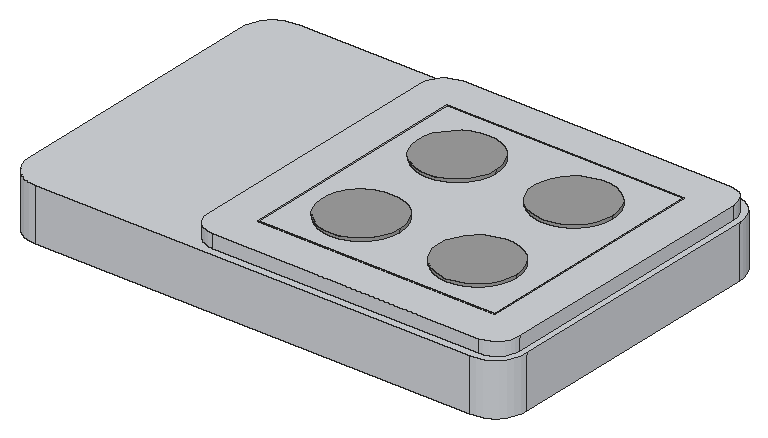
Revit family "LigULing-Industriale-GEWISS-SMART[4]UL_APPARECCHI-LED_1M", category Apparecchi per illuminazione, Revit 2019
Family settings
  Quota connettore circolare = Usa diametro
  Tipo di parte = Normale
  Numero OmniClass = 23.80.00.00
  Titolo OmniClass = Electric Power and Lighting
  Basato su piano di lavoro = Sì
  Sempre verticale = No
  Taglio con vuoti quando caricato = No
  Sorgente d'illuminazione = No
  Condiviso = No
  Punto di calcolo locali = No
Parameters (values of type "GWS4120GP857 - SMART4LB 1M ST.AL.ON/OFF UL 90° 57K")
  Voltaggio = 230 V
  Viti esterne = "Acciaio inox"
  Vetro acceso = Lampada accesa
  Versione file RFA = "20.11"
  Vano di alimentazione = "Integrato"
  URL = "https://www.gewiss.com/it/it"
  Tolleranza cromatica = "SDCM = 3"
  Tipologia sorgente luminosa = "LED - Non sostituibile"
  Tipo di installazione e montaggio = "Plafone - Parete - Sospensione"
  Tipo di apparecchio = "Riflettore industriale a LED&nbsp;"
  Tensione di alimentazione = "120-277 V"
  Temperatura di stoccaggio = "-"
  Temperatura di esercizio = "-25°C / +40 °C"
  Temperatura di colore = "5700K"
  Superficie massima esposta al vento : = "0,097 m²"
  Spostamento_Y_etichetta [instance] = 0 mm
  Spostamento_Y_effettivo_etichetta [instance] = 1500 mm - Spostamento_Y_etichetta  # 1500 mm
  Spostamento_X_etichetta [instance] = 0 mm
  Spostamento_X_effettivo_etichetta [instance] = 1500 mm - Spostamento_X_etichetta  # 1500 mm
  SostituibilitÃ  piastra di cablaggio = "Non sostituibile"
  SostituibilitÃ  gruppo ottico = "Non sostituibile"
  Sistema di controllo : = "ON / OFF"
  Sistema di controllo = "ON / OFF"
  Schermo = "Vetro Temprato Spessore 4mm"
  Scheda Tecnica = "https://www.gewiss.com/it/it/search?q=GWS4120GP857"
  SEO = ""
  Resistenza al filo incandescente = "850 °C"
  Resistenza agli urti = "IK08"
  Produttore = "GEWISS S.p.A."
  Potenza di sistema = "65W"
  Peso (kg): = "3,5"
  Ottica = "90°"
  Offset etichetta W [instance] = 120 mm
  Norma di riferimento = "UL 1598 - CSA C22.2 No. 250.0-18"
  Modello = "GWS4120GP857"
  Materiali = "-"
  Lumen output (lm) = "9100"
  Lampada = "LED"
  Installazione e manutenzione = "-"
  Informazioni generali = "-"
  Indice di resa cromatica = "CRI-80"
  Inclinazione = "Con accessorio staffa"
  Immagine tipo = GWL1071.jpg
  IPEA = "-"
  IFC.TypeObject = ""
  IFC.ExportType = ""
  IFC.ExportAs = ""
  IDT = "510f01894ba548e3aae17db348ab79c9"
  IDF = "57340efb-67d6-4d83-a0c6-3c1c2de2c4e3"
  Guarnizioni = "tipo siliconico antinvecchiamento "
  Gruppo ottico = "Riflettore in PC metallizzato e lenti in PMMA"
  Grado di protezione = "IP66"
  Garanzia = "5 anni"
  Gancio di chiusura = "-"
  Frequenza nominale (Hz) = "50/60 Hz"
  Fissaggio = "-"
  Finitura colore = "Grigio RAL 7035"
  Etichetta wattaggio [instance] = yes
  Default Elevation = 1219.2 mm
  Trasformatore = none
  Spessore plafoniera = 40 mm  # constant formula
  Proiettsmart [instance] = yes
  Raggio led = 30 mm  # constant formula
  Plafoniera = none
  Efficienza luminosa (lm/W) = "140"
  Durata di vita = "L90B10 (Tq+25°C) = 100.000 h - L90B10 (Tq+40°C) = 50.000 h"
  Dispositivo di protezione = "DM 6 kV / CM 10 kV"
  Descrizione = "SMART[4]LB 1M ST.AL.ON/OFF UL 90° 57K"
  Creato da GEWISS S.p.A. = ""
  Corpo = "PA6 “Halogen Free” caricato fibra vetro"
  Controllo abbagliamento e luminanza = "UGR - 25"
  Contesto = "Illuminazione di logistiche e locali produttivi industriali"
  Commenti sul wattaggio = "50W"
  Colore = "Grigio RAL 7035"
  Codice digitale univoco (Datamatrix) = "Datamatrix"
  Codice Electrocod = "2444"
  Classificazione: = "-"
  Classificazione = Lighting
  Classe isolamento = "I"
  Classe fotobiologica = "RG0"
  Certificazioni e classificazioni = "-"
  Certificazione DIN 18032-3 = "-"
  Catalogo = "LIGHTING"
  Carico apparente = 50 VA
  Motore = none
  Lunghezza = 383 mm  # constant formula
  Larghezza = 253 mm  # constant formula
  Distanza tot_plafoniera = 74 mm  # constant formula
  Dettaglio bidimensionale attivo [instance] = not(Proiettsmart)  # no
  Caratteristiche ottiche e illuminotecniche = "-"
  Caratteristiche elettriche e gestione della luce = "-"
  Cablaggio = "Cablaggio singolo con cavo antirespirazione che esce da PG metallico (NO Connettore) "
  COBie.Tagnumber = ""
  COBie.CreatedOn = ""
  COBie.CreatebBy = ""
  COBie.ComponentRegisterItemID = ""
  COBie.Component.TagNumber = ""
  COBie.Component.Space = ""
  COBie.Component.SerialNumber = ""
  COBie.Component.InstallationDate = ""
  COBie.Component.Description = ""
  COBie.Component.BarCode = ""
  Applicazione = "Interno"
  Apparecchio a ridotta temperatura superficiale = "Si"
  Alimentatore = "Incluso"
Types (6, lengths in mm): name | Temperatura di colore | Scheda Tecnica | SEO | Ottica | Modello | Lumen output (lm) | IDT | Gruppo ottico | Efficienza luminosa (lm/W) | Descrizione | Controllo abbagliamento e luminanza
  GWS4120GH840 - SMART4LB 1M ST.AL.ON/OFF UL 60° 40K | "4000K" | "https://www.gewiss.com/it/it/search?q=GWS4120GH840" | "" | "60°" | "GWS4120GH840" | "9000" | "ebd1c6c3f79b442cb0017b978c53287d" | "Riflettore in PC metallizzato e lenti in PMMA" | "138" | "SMART[4]LB 1M ST.AL.ON/OFF UL 60° 40K" | "UGR - 25"
  GWS4120GH857 - SMART4LB 1M ST.AL.ON/OFF UL 60° 57K | "5700K" | "https://www.gewiss.com/it/it/search?q=GWS4120GH857" | "" | "60°" | "GWS4120GH857" | "9000" | "7e41ab3992744e638de87d18b71cdc15" | "Riflettore in PC metallizzato e lenti in PMMA" | "138" | "SMART[4]LB 1M ST.AL.ON/OFF UL 60° 57K" | "UGR - 25"
  GWS4120GP840 - SMART4LB 1M ST.AL.ON/OFF UL 90° 40K | "4000K" | "https://www.gewiss.com/it/it/search?q=GWS4120GP840" | "" | "90°" | "GWS4120GP840" | "9100" | "4c23139a13e449859e34885c36cde3e1" | "Riflettore in PC metallizzato e lenti in PMMA" | "140" | "SMART[4]LB 1M ST.AL.ON/OFF UL 90° 40K" | "UGR - 25"
  GWS4120GP857 - SMART4LB 1M ST.AL.ON/OFF UL 90° 57K | "5700K" | "https://www.gewiss.com/it/it/search?q=GWS4120GP857" | "" | "90°" | "GWS4120GP857" | "9100" | "510f01894ba548e3aae17db348ab79c9" | "Riflettore in PC metallizzato e lenti in PMMA" | "140" | "SMART[4]LB 1M ST.AL.ON/OFF UL 90° 57K" | "UGR - 25"
  GWS4120GA840 - SMART4LB 1M ST.AL.ON/OFF UL ARR.40K | "4000K" | "https://www.gewiss.com/it/it/search?q=GWS4120GA840" | "Low Bay" | "Array" | "GWS4120GA840" | "8900" | "d106dacd27c24dfc9d8a4d950c89b820" | "Riflettore in PC metallizzato" | "137" | "SMART[4]LB 1M ST.AL.ON/OFF UL ARR.40K" | "-"
  GWS4120GA857 - SMART4LB 1M ST.AL.ON/OFF UL ARR.57K | "5700K" | "https://www.gewiss.com/it/it/search?q=GWS4120GA857" | "Low Bay" | "Array" | "GWS4120GA857" | "8900" | "d6e915abd97841d0a3fdcc84bbd4b3bc" | "Riflettore in PC metallizzato" | "137" | "SMART[4]LB 1M ST.AL.ON/OFF UL ARR.57K" | "-"
Reference planes
  plane 1 "Centro (Fronte/Retro)": y = 0
  plane 2: z = 0
  plane 3 "Centro (Sinistra/Destra)": x = 0
  plane 4: x = -191.5
  plane 5: y = 126.5
  plane 6: x = 191.5
  plane 7: y = -126.5
  plane 8: z = -74
  plane 9: x = -175.5
  plane 10: y = -110.5
  plane 11: y = 110.5
  plane 12: x = -60.5
  plane 13: y = 121.5
  plane 14: x = 186.5
  plane 15: y = -120
  plane 16: z = 74
  plane 17: z = 84
  plane 18: z = 86
  plane 19: x = -1500
  plane 20: y = -1500
  plane 21: x = 0
  plane 22: y = 0
Dimensions and locks
  equal spacing: plane 5, plane 1 "Centro (Fronte/Retro)", plane 7
  equal spacing: plane 4, plane 3 "Centro (Sinistra/Destra)", plane 6
  "Lunghezza": plane 4 to plane 6
  "Larghezza": plane 5 to plane 7
  locked: plane 14 to plane 6 at 5
  locked: plane 5 to plane 13 at 5
  nested 3 to plane 8 = 133.058 mm
  locked: plane 4 to plane 9 at 16
  "Offset etichetta W": plane 1 "Centro (Fronte/Retro)" to plane 15
  "Distanza tot_plafoniera": plane 16 to level
  locked: plane 18 to plane 17 at 2
  plane 19 to plane 3 "Centro (Sinistra/Destra)" = 1500 mm
  plane 1 "Centro (Fronte/Retro)" to plane 20 = 1500 mm
  "Spostamento_Y_effettivo_etichetta": plane 22 to plane 20
  "Spostamento_X_effettivo_etichetta": plane 19 to plane 21
  aligned and locked: level to plane 2
  aligned and locked: plane 4 to nested 1
  aligned and locked: plane 6 to nested 1
  aligned and locked: plane 5 to nested 1
  aligned and locked: plane 7 to nested 1
  aligned and locked: plane 14 to nested 2
  aligned and locked: plane 1 "Centro (Fronte/Retro)" to nested 10
  aligned and locked: nested 3 to plane 2
  aligned and locked: plane 16 to nested 1
  aligned and locked: plane 1 "Centro (Fronte/Retro)" to nested 8
  aligned and locked: plane 1 "Centro (Fronte/Retro)" to nested 1
  aligned and locked: plane 1 "Centro (Fronte/Retro)" to nested 2
  aligned and locked: nested 2 to plane 16
  aligned and locked: nested 4 to plane 18
  aligned and locked: plane 18 to nested 6
  aligned and locked: nested 7 to plane 18
  aligned and locked: plane 18 to nested 5
  aligned and locked: nested 9 to plane 22
  aligned and locked: plane 21 to nested 9
Nested families
  nested 1: "Struttura_SMART[4] LB - 2+2 L" at (0, 0, 74), type "SMART Lab (4) 4L"
  nested 2: "mascherina_SMART (4)" at (66.5, 0, 84), type "Maschera_smart (4) 4L", detail levels medium+fine
  nested 3: "Staffa SMART LAB 4" at (65, -20, 59.058) x (0, 1, 0) z (0, 0, -1), type "Staffa SMART LAB 4", detail levels medium+fine
  nested 4: "Gewis - Led" at (20.25, 44.75, 86), type "Gewis - Led", detail levels fine
  nested 5: "Gewis - Led" at (109.75, 44.75, 86) x (-1, 0, 0) z (0, 0, 1), type "Gewis - Led", detail levels fine
  nested 6: "Gewis - Led" at (20.25, -47.75, 86), type "Gewis - Led", detail levels fine
  nested 7: "Gewis - Led" at (109.75, -47.75, 86) x (-1, 0, 0) z (0, 0, 1), type "Gewis - Led", detail levels fine
  nested 8: "Rappr_bidimensionale_SMART[4] LB 4L" at (40, 0, 0), visible <- "Dettaglio bidimensionale attivo", type "SMART[4] LB 4L_bidimensionalerfa"
  nested 9: "ETICHETTA LIGHT" at (0, 0, 0), visible <- "Etichetta wattaggio", type "ETICHETTA LIGHT"
  nested 10: "PROIETTSMART " at (-32.162, 0, 0), visible <- "Proiettsmart", type "PROIETTSMART "
Connectors
  electrical at (0.009, -0.098, 34), driven by "Classificazione", driven by "Carico apparente"
    settings: on nested 1, index 1, voltage 230 V, apparent load 0 VA, apparent load phase1 50 VA, apparent load phase2 0 VA, apparent load phase3 0 VA, power factor 1, load classification "Lighting", number of poles 2, system type 31, power factor state 1, is connector primary yes, connector utility no, sub classification motor no, connector description ""
Definition of nested family "Struttura_SMART[4] LB - 2+2 L"
  Parameters (values of type "SMART Lab (4) 4L")
    Struttura plafoniera = none
    Spessore_plafoniera = 40 mm
    Lunghezza = 383 mm
    Larghezza = 253 mm
  Reference planes
    plane 1 "Asse sorgente illuminazione (F/B)": y = 0
    plane 2: z = 0
    plane 3 "Asse sorgente illuminazione (L/R)": x = 0
    plane 4 "Prospetto sorgente di illuminazione": z = -40
    plane 5 "SX": x = -191.5
    plane 6 "DX": x = 191.5
    plane 7 "DIETRO": y = 126.5
    plane 8 "AVANTI": y = -126.5
    plane 9: x = -51.5
    plane 10: x = 180.5
    plane 11: y = -115.5
    plane 12: y = 115.5
    plane 13: x = -180.5
    plane 14: x = 51.5
  Forms (mm)
    Extrusion 1, solid, material <- "Struttura plafoniera"
      sketch origin (0, 0, 0) x (1, 0, 0) y (0, 1, 0)
        loop
          line (191.5, -102.095) -> (191.5, 102.09)
          arc (191.5, 102.09) -> (184.35, 119.35) -> (167.09, 126.5) r 24.41
          line (167.09, 126.5) -> (-167.009, 126.5)
          arc (-167.009, 126.5) -> (-184.554, 119.1) -> (-191.5, 101.371) r 24.499
          line (-191.5, 101.371) -> (-191.5, -102.092)
          arc (-191.5, -102.092) -> (-184.351, -119.351) -> (-167.092, -126.5) r 24.408
          line (-167.092, -126.5) -> (167.117, -126.5)
          arc (167.117, -126.5) -> (184.334, -119.368) -> (191.465, -102.152) r 24.348
      from -40 to 0
  Dimensions and locks
    equal spacing: plane 5 "SX", plane 3 "Asse sorgente illuminazione (L/R)", plane 6 "DX"
    equal spacing: plane 7 "DIETRO", plane 1 "Asse sorgente illuminazione (F/B)", plane 8 "AVANTI"
    "Lunghezza": plane 5 "SX" to plane 6 "DX"
    "Larghezza": plane 7 "DIETRO" to plane 8 "AVANTI"
    locked: plane 7 "DIETRO" to plane 12 at 11
    locked: plane 11 to plane 8 "AVANTI" at 11
    locked: plane 10 to plane 6 "DX" at 11
    locked: plane 9 to plane 10 at 232
    plane 13 to plane 14 = 232 mm
    locked: plane 5 "SX" to plane 13 at 11
    "Spessore_plafoniera": plane 2 to plane 4 "Prospetto sorgente di illuminazione"
    aligned and locked: level to plane 2
    aligned and locked: Extrusion 1 to plane 5 "SX"
    aligned and locked: Extrusion 1 to plane 8 "AVANTI"  (x2)
    aligned and locked: plane 7 "DIETRO" to Extrusion 1
    aligned and locked: plane 6 "DX" to Extrusion 1
    aligned and locked: plane 4 "Prospetto sorgente di illuminazione" to Extrusion 1
    aligned and locked: plane 2 to Extrusion 1
  Automatic sketch dimensions
    Extrusion 1 sketch curve to plane 5 "SX" = 0 mm
    Extrusion 1 sketch curve to plane 8 "AVANTI" = 0 mm
    Extrusion 1 sketch curve to plane 7 "DIETRO" = 0 mm
    Extrusion 1 sketch curve to plane 6 "DX" = 0 mm
    plane 13 to Extrusion 1 sketch curve = 13.408 mm
    plane 13 to Extrusion 1 sketch curve = 13.491 mm
    Extrusion 1 sketch curve to plane 10 = 13.41 mm
    Extrusion 1 sketch curve to plane 10 = 13.383 mm
    plane 11 to Extrusion 1 sketch curve = 13.348 mm
    Extrusion 1 sketch curve to plane 12 = 14.129 mm
    Extrusion 1 sketch curve to Extrusion 1 sketch curve = 0.056 mm
Definition of nested family "mascherina_SMART (4)"
  Parameters (values of type "Maschera_smart (4) 4L")
    Spessore_mascherina = 10 mm
    Default Elevation = 1219.2 mm
    N.intarsi = (Lunghezza_mascherina - (Bordo * 2)) / 15 mm  # 12
    N._intarsi verticale = (Larghezza_mascherina - (Bordo * 2)) / 17 mm  # 11
    Mascherina = none
    Lunghezza_mascherina = 240 mm
    Larghezza_mascherina = 240 mm
    Distanza_intarsi v. = 41 mm  # constant formula
    Distanza_intarsi = 37 mm  # constant formula
    Bordo = 29 mm
  Reference planes
    plane 1 "Centro (Fronte/Retro)": y = 0
    plane 2: z = 0
    plane 3 "Centro (Sinistra/Destra)": x = 0
    plane 4: x = -120
    plane 5 "Dietro": y = 120
    plane 6: x = 120
    plane 7: y = -120
    plane 8: x = -91
    plane 9: y = -91
    plane 10: x = 91
    plane 11: y = 91
    plane 12: x = -83
    plane 13: y = 94.742
    plane 14: y = -95
    plane 15: z = -10
    plane 16: x = -95
    plane 17: y = 79
    plane 18: y = -79
    plane 19: x = 95
    plane 20: z = -4.799
  Forms (mm)
    Extrusion 1, solid, material <- "Mascherina"
      sketch origin (0, 0, 0) x (1, 0, 0) y (0, 1, 0)
        loop
          arc (-102.5, 120) -> (-114.874, 114.874) -> (-120, 102.5) r 17.5
          line (-120, 102.5) -> (-120, -102.5)
          arc (-120, -102.5) -> (-114.874, -114.874) -> (-102.5, -120) r 17.5
          line (-102.5, -120) -> (102.5, -120)
          arc (102.5, -120) -> (114.874, -114.874) -> (120, -102.5) r 17.5
          line (120, -102.5) -> (120, 102.5)
          arc (120, 102.5) -> (114.874, 114.874) -> (102.5, 120) r 17.5
          line (102.5, 120) -> (-102.5, 120)
        loop
          line (-91, 91) -> (-91, -91) -> (91, -91) -> (91, 91) -> (-91, 91)
      from -10 to 0
    Extrusion 2, solid, material <- "Mascherina"
      sketch origin (0, 0, 0) x (1, 0, 0) y (0, 1, 0)
        loop
          line (-91, 91) -> (-91, -91) -> (91, -91) -> (91, 91) -> (-91, 91)
      from -4.799 to 0
  Dimensions and locks
    equal spacing: plane 4, plane 3 "Centro (Sinistra/Destra)", plane 6
    "Lunghezza_mascherina": plane 4 to plane 6
    equal spacing: plane 5 "Dietro", plane 1 "Centro (Fronte/Retro)", plane 7
    "Larghezza_mascherina": plane 5 "Dietro" to plane 7
    "Bordo": plane 4 to plane 8
    "Bordo": plane 9 to plane 7
    "Bordo": plane 5 "Dietro" to plane 11
    "Bordo": plane 10 to plane 6
    "Distanza_intarsi": plane 4 to plane 12
    locked: plane 13 to plane 11 at 3.742
    "Spessore_mascherina": plane 2 to plane 15
    "Distanza_intarsi v.": plane 5 "Dietro" to plane 17
    "Distanza_intarsi v.": plane 18 to plane 7
    locked: plane 9 to plane 14 at 4
    locked: plane 16 to plane 8 at 4
    locked: plane 10 to plane 19 at 4
    locked: plane 2 to plane 20 at 4.799
    radius of Extrusion 1 sketch curve = 17.5 mm  (x4)
    aligned and locked: level to plane 2
    aligned and locked: plane 4 to Extrusion 1 sketch curve
    aligned and locked: plane 6 to Extrusion 1 sketch curve
    aligned and locked: Extrusion 1 sketch curve to plane 5 "Dietro"
    aligned and locked: Extrusion 1 sketch curve to plane 7
    aligned and locked: Extrusion 1 sketch curve to plane 11
    aligned and locked: plane 8 to Extrusion 1 sketch curve
    aligned and locked: plane 9 to Extrusion 1 sketch curve
    aligned and locked: Extrusion 1 sketch curve to plane 10
    aligned and locked: plane 2 to Extrusion 1
    aligned and locked: Extrusion 1 to plane 15
    aligned and locked: Extrusion 2 sketch curve to plane 10
    aligned and locked: plane 9 to Extrusion 2 sketch curve
    aligned and locked: plane 8 to Extrusion 2 sketch curve
    aligned and locked: Extrusion 2 sketch curve to plane 11
    aligned and locked: plane 2 to Extrusion 2
    aligned and locked: Extrusion 2 to plane 20
Definition of nested family "Staffa SMART LAB 4"
  Parameters (values of type "Staffa SMART LAB 4")
    Staffa = none
    Default Elevation = 1219.2 mm
  Reference planes
    plane 1 "Centro (Fronte/Retro)": y = 0
    plane 2: z = 0
    plane 3 "Centro (Sinistra/Destra)": x = 0
    plane 4: y = 25
    plane 5: y = -25
    plane 6: x = -480
    plane 7: x = 480
    plane 8: z = 340
  Forms (mm)
    Extrusion 1, solid, material <- "Staffa"
      sketch origin (-19.427, 0, 0) x (1, 0, 0) y (0, 0, 1)
        loop
          line (-52.112, 0) -> (-51.312, 0) -> (-51.312, 5.038) -> (-51.312, 7.679) -> (-48.064, 11.553) -> (-48.309, 20.832)
          arc (-48.309, 20.832) -> (-48.108, 21.384) -> (-47.585, 21.651) r 0.801
          line (-47.585, 21.651) -> (-46.541, 21.744)
          arc (-46.541, 21.744) -> (-45.388, 22.346) -> (-44.998, 23.587) r 1.701
          line (-44.998, 23.587) -> (-45.225, 26.168) -> (-47.881, 28.39) -> (-47.881, 32.971) -> (-23.475, 58.058) -> (62.329, 58.058) -> (86.735, 32.971) -> (86.735, 28.39) -> (84.08, 26.168) -> (83.852, 23.587)
          arc (83.852, 23.587) -> (84.243, 22.346) -> (85.396, 21.744) r 1.701
          line (85.396, 21.744) -> (86.439, 21.651)
          arc (86.439, 21.651) -> (86.963, 21.384) -> (87.163, 20.832) r 0.801
          line (87.163, 20.832) -> (86.919, 11.553) -> (90.167, 7.679) -> (90.167, 5.038) -> (90.167, 0) -> (90.967, 0) -> (90.967, 5.038) -> (90.967, 7.979) -> (87.921, 11.618) -> (88.163, 20.806)
          arc (88.163, 20.806) -> (87.71, 22.048) -> (86.531, 22.647) r 1.801
          line (86.531, 22.647) -> (85.484, 22.74)
          arc (85.484, 22.74) -> (85.009, 22.988) -> (84.849, 23.499) r 0.701
          line (84.849, 23.499) -> (85.039, 25.667) -> (87.735, 27.923) -> (87.735, 32.876) -> (86.947, 34.187) -> (62.751, 59.058) -> (-23.897, 59.058) -> (-48.093, 34.187) -> (-48.881, 32.876) -> (-48.881, 27.923) -> (-46.185, 25.667) -> (-45.994, 23.499)
          arc (-45.994, 23.499) -> (-46.155, 22.988) -> (-46.63, 22.74) r 0.701
          line (-46.63, 22.74) -> (-47.676, 22.647)
          arc (-47.676, 22.647) -> (-48.856, 22.048) -> (-49.308, 20.806) r 1.801
          line (-49.308, 20.806) -> (-49.066, 11.618) -> (-52.112, 7.979) -> (-52.112, 5.038) -> (-52.112, 0)
      from -25 to 25
  Dimensions and locks
    equal spacing: plane 6, plane 3 "Centro (Sinistra/Destra)", plane 7
    equal spacing: plane 4, plane 1 "Centro (Fronte/Retro)", plane 5
    plane 4 to plane 5 = 50 mm
    plane 6 to plane 7 = 960 mm
    aligned and locked: level to plane 2
    aligned and locked: plane 4 to Extrusion 1
    aligned and locked: Extrusion 1 to plane 5
  Automatic sketch dimensions
    Extrusion 1 sketch curve to Extrusion 1 sketch curve = 0 mm  (x10)
    Extrusion 1 sketch curve to level = 0 mm  (x2)
    level to Extrusion 1 sketch curve = 5.038 mm
    Extrusion 1 sketch curve to plane 3 "Centro (Sinistra/Destra)" = 71.54 mm
    Extrusion 1 sketch curve to Extrusion 1 sketch curve = 0.8 mm  (x2)
    level to Extrusion 1 sketch curve = 20.806 mm  (x2)
    Extrusion 1 sketch curve to Extrusion 1 sketch curve = 2.804 mm
    level to Extrusion 1 sketch curve = 11.618 mm  (x2)
    Extrusion 1 sketch curve to Extrusion 1 sketch curve = 2.246 mm  (x2)
    Extrusion 1 sketch curve to Extrusion 1 sketch curve = 0.428 mm
    level to Extrusion 1 sketch curve = 20.832 mm  (x2)
    Extrusion 1 sketch curve to Extrusion 1 sketch curve = 1 mm  (x4)
    Extrusion 1 sketch curve to Extrusion 1 sketch curve = 0.788 mm
    level to Extrusion 1 sketch curve = 11.553 mm  (x2)
    Extrusion 1 sketch curve to Extrusion 1 sketch curve = 1.002 mm  (x2)
    level to Extrusion 1 sketch curve = 22.647 mm  (x2)
    Extrusion 1 sketch curve to Extrusion 1 sketch curve = 0.632 mm
    level to Extrusion 1 sketch curve = 21.651 mm  (x2)
    Extrusion 1 sketch curve to Extrusion 1 sketch curve = 0.092 mm  (x2)
    Extrusion 1 sketch curve to Extrusion 1 sketch curve = 0.984 mm
    level to Extrusion 1 sketch curve = 22.74 mm  (x2)
    Extrusion 1 sketch curve to Extrusion 1 sketch curve = 0.062 mm
    level to Extrusion 1 sketch curve = 21.744 mm  (x2)
    Extrusion 1 sketch curve to Extrusion 1 sketch curve = 0.088 mm
    Extrusion 1 sketch curve to Extrusion 1 sketch curve = 0.507 mm
    level to Extrusion 1 sketch curve = 23.499 mm  (x2)
    Extrusion 1 sketch curve to Extrusion 1 sketch curve = 0.698 mm  (x2)
    Extrusion 1 sketch curve to Extrusion 1 sketch curve = 0.96 mm  (x2)
    level to Extrusion 1 sketch curve = 23.587 mm  (x2)
    Extrusion 1 sketch curve to plane 3 "Centro (Sinistra/Destra)" = 43.324 mm
    Extrusion 1 sketch curve to Extrusion 1 sketch curve = 0.422 mm  (x2)
    plane 3 "Centro (Sinistra/Destra)" to Extrusion 1 sketch curve = 42.902 mm
    Extrusion 1 sketch curve to Extrusion 1 sketch curve = 21.523 mm
    level to Extrusion 1 sketch curve = 26.168 mm
    Extrusion 1 sketch curve to Extrusion 1 sketch curve = 0.227 mm
    Extrusion 1 sketch curve to Extrusion 1 sketch curve = 0.996 mm
    level to Extrusion 1 sketch curve = 25.667 mm
    Extrusion 1 sketch curve to Extrusion 1 sketch curve = 0.548 mm
    Extrusion 1 sketch curve to Extrusion 1 sketch curve = 0.966 mm
    Extrusion 1 sketch curve to Extrusion 1 sketch curve = 0.077 mm
    level to Extrusion 1 sketch curve = 28.39 mm
    Extrusion 1 sketch curve to Extrusion 1 sketch curve = 1.696 mm
    Extrusion 1 sketch curve to Extrusion 1 sketch curve = 0.557 mm
    level to Extrusion 1 sketch curve = 34.187 mm
    Extrusion 1 sketch curve to Extrusion 1 sketch curve = 0.212 mm
    Extrusion 1 sketch curve to Extrusion 1 sketch curve = 0.801 mm
    level to Extrusion 1 sketch curve = 7.679 mm
    Extrusion 1 sketch curve to Extrusion 1 sketch curve = 2.641 mm  (x2)
    Extrusion 1 sketch curve to Extrusion 1 sketch curve = 0.3 mm  (x2)
    Extrusion 1 sketch curve to Extrusion 1 sketch curve = 2.168 mm
    Extrusion 1 sketch curve to Extrusion 1 sketch curve = 0.501 mm
    Extrusion 1 sketch curve to Extrusion 1 sketch curve = 0.467 mm  (x2)
    Extrusion 1 sketch curve to Extrusion 1 sketch curve = 2.256 mm
    Extrusion 1 sketch curve to Extrusion 1 sketch curve = 4.486 mm
    Extrusion 1 sketch curve to Extrusion 1 sketch curve = 1.311 mm
    Extrusion 1 sketch curve to Extrusion 1 sketch curve = 0.095 mm  (x2)
    Extrusion 1 sketch curve to Extrusion 1 sketch curve = 1.216 mm
    Extrusion 1 sketch curve to Extrusion 1 sketch curve = 23.87 mm
Definition of nested family "Gewis - Led"
  Parameters (values of type "Gewis - Led")
    Vetro = none
    Raggio led = 30 mm
    Default Elevation = 1219.2 mm
    Estensione vetro = 3 mm
  Reference planes
    plane 1 "Centro (Fronte/Retro)": y = 0
    plane 2: z = 0
    plane 3 "Centro (Sinistra/Destra)": x = 0
  Forms (mm)
    Extrusion 1, solid, material <- "Vetro"
      sketch origin (0, 0, 0) x (1, 0, 0) y (0, 1, 0)
        loop
          circle (0, 0) r 30
      from -3 to 0
  Dimensions and locks
    "Estensione vetro": level to Extrusion 1
    "Raggio led": radius of Extrusion 1 sketch curve
    aligned and locked: level to plane 2
    aligned and locked: level to Extrusion 1
  Automatic sketch dimensions
    plane 1 "Centro (Fronte/Retro)" to Extrusion 1 sketch curve = 0 mm
    Extrusion 1 sketch curve to plane 3 "Centro (Sinistra/Destra)" = 0 mm
Definition of nested family "Rappr_bidimensionale_SMART[4] LB 4L"
  Reference planes
    plane 1 "Centro (Fronte/Retro)": y = 0
    plane 2: z = 0
    plane 3 "Centro (Sinistra/Destra)": x = 0
  Lines and regions (mm)
    model lines, in view "Livello rif."
      curve 1: circle (-20.568, 47.057, 0) r 28.619 normal (0, 0, 1)
      curve 2: circle (73.432, -46.943, 0) r 28.619 normal (0, 0, 1)
      curve 3: circle (-20.568, -46.943, 0) r 28.619 normal (0, 0, 1)
      curve 4: circle (73.432, 47.057, 0) r 28.619 normal (0, 0, 1)
      curve 5: arc (-93.068, -104.009, 0) -> (-88.529, -114.969, 0) -> (-77.568, -119.509, 0) r 15.5
      curve 6: arc (145.932, 103.991, 0) -> (141.392, 114.952, 0) -> (130.432, 119.491, 0) r 15.5
      curve 7: arc (-77.568, 119.491, 0) -> (-88.529, 114.952, 0) -> (-93.068, 103.991, 0) r 15.5
      curve 8: arc (130.432, -119.509, 0) -> (141.392, -114.969, 0) -> (145.932, -104.009, 0) r 15.5
      curve 9: arc (152.721, 103.991, 0) -> (146.196, 119.749, 0) -> (130.441, 126.281, 0) r 22.29
      curve 10: arc (130.443, -126.298, 0) -> (146.197, -119.766, 0) -> (152.721, -104.009, 0) r 22.29
      curve 11: arc (-230.358, -108, 0) -> (-225, -120.942, 0) -> (-212.058, -126.298, 0) r 18.29
      curve 12: arc (-212.077, 126.281, 0) -> (-225.001, 120.924, 0) -> (-230.358, 108, 0) r 18.29
      curve 13: line (-66.068, -92.509, 0) -> (-66.068, 92.491, 0)
      curve 14: line (-66.068, 92.491, 0) -> (118.932, 92.491, 0)
      curve 15: line (118.932, 92.491, 0) -> (118.932, -92.509, 0)
      curve 16: line (118.932, -92.509, 0) -> (-66.068, -92.509, 0)
      curve 17: line (-77.568, -119.509, 0) -> (130.432, -119.509, 0)
      curve 18: line (-77.568, 119.491, 0) -> (130.432, 119.491, 0)
      curve 19: line (-93.068, 103.991, 0) -> (-93.068, -104.009, 0)
      curve 20: line (145.932, 103.991, 0) -> (145.932, -104.009, 0)
      curve 21: line (-212.077, 126.281, 0) -> (130.441, 126.281, 0)
      curve 22: line (152.721, 103.991, 0) -> (152.721, -104.009, 0)
      curve 23: line (130.443, -126.298, 0) -> (-212.058, -126.298, 0)
      curve 24: line (-230.358, -108, 0) -> (-230.358, 108, 0)
Definition of nested family "ETICHETTA LIGHT"
  Parameters (values of type "ETICHETTA LIGHT")
    COMMENTI = "53W"
  Reference planes
    plane 1: y = 0
    plane 2: x = 0
  Text (mm)
    label "COMMENTI" at (-0.057, 0.105, 0), shows "COMMENTI"
Definition of nested family "PROIETTSMART "
  Reference planes
    plane 1 "Centro (Fronte/Retro)": y = 0
    plane 2: z = 0
    plane 3 "Centro (Sinistra/Destra)": x = 0
  Lines and regions (mm)
    model lines, in view "Livello rif."
      curve 1: line (120.593, -21.515, 0) -> (77.393, -0.008, 0)
      curve 2: line (77.393, -0.008, 0) -> (120.593, 21.758, 0)
      curve 3: line (120.593, 21.758, 0) -> (120.593, -21.515, 0)
      curve 4: line (77.393, 21.629, 0) -> (77.393, -21.645, 0)
      curve 5: line (77.393, -0.008, 0) -> (52.133, -0.008, 0)
      curve 6: line (120.593, 0.122, 0) -> (139.246, 0.122, 0)
      curve 7: line (162.162, 66.747, 0) -> (162.162, -66.747, 0)
      curve 8: line (162.162, -66.747, 0) -> (-97.838, -66.747, 0)
      curve 9: line (-97.838, -66.747, 0) -> (-97.838, 66.747, 0)
      curve 10: line (-97.838, 66.747, 0) -> (162.162, 66.747, 0)
      curve 11: line (45.772, 49.667, 0) -> (145.121, 49.667, 0)
      curve 12: line (145.121, 49.667, 0) -> (145.121, -49.683, 0)
      curve 13: line (145.121, -49.683, 0) -> (45.772, -49.683, 0)
      curve 14: line (45.772, -49.683, 0) -> (45.772, 49.667, 0)
